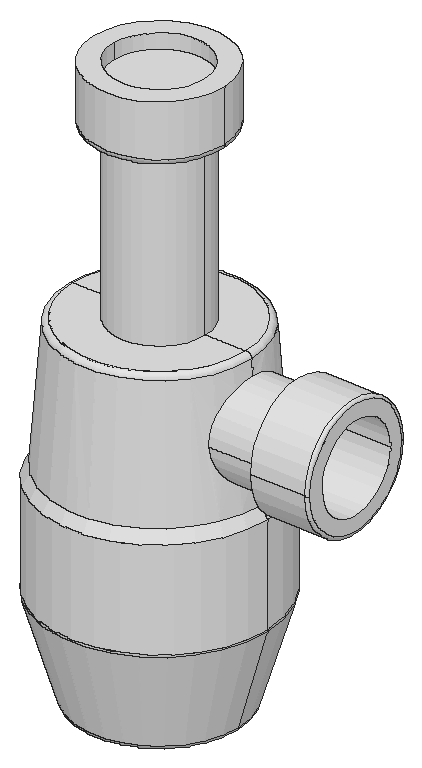
Revit family "S-865", category Uniones de tubería, Revit 2015
Parameters (values of type "S-865_1 1/4"")
  URL = "http://www.jimten.com/es/producto/42/sifon-botella-juntafix"
  Salida = "Ø32 MM (HEMBRA)"
  Referencia = "001659"
  Modelo = "S-865"  # constant formula
  Material = PP (Blanco)
  Fabricante = "Jimten"  # constant formula
  Entradas = "1 1/4\" ROSCA HEMBRA"
  Ds = 32 mm
  Descripción = "SIFON BOTELLA JUNTAFIX, SALIDA HORIZONTAL, RACOR EXTENSIBLE CON TOPE INFERIOR, JUNTAFIX"  # constant formula
  De = 31.8 mm
  Comentarios de tipo = "FACIL INSTALACION GRACIAS A SU SISTEMA DE JUNTAS INTEGRADAS, TAPON DE REGISTRO INFERIOR"  # constant formula
  Certificados = "http://www.jimten.com/_bd/_adjuntos/3b4e9e19f525a9333619fbb9026ce695.pdf?viewPdf"
  Caudal = 0.4 L/s  # constant formula
  Aplicación = "LAVABO, BIDET"
  Amin = 150 mm
  Amax = 220 mm
  ACalculo [instance] = if(A < Amax, if(A > Amin, A, Amin), Amax)  # 200 mm
  A [instance] = 200 mm
Types (2, lengths in mm): name | Salida | Referencia | Entradas | Ds | De | Aplicación | ACalculo | A
  S-865_1 1/2" | "Ø40 MM (HEMBRA)" | "001658" | "1 1/2\" ROSCA HEMBRA" | 40 | 38.1 | "FREGADERO, LAVABO, BIDET" | 180 | 180
  S-865_1 1/4" | "Ø32 MM (HEMBRA)" | "001659" | "1 1/4\" ROSCA HEMBRA" | 32 | 31.8 | "LAVABO, BIDET" | 200 | 200
Reference planes
  plane 1 "Centro (Frontal/Posterior)": y = 0
  plane 2: z = 0
  plane 3 "Centro (Izquierda/Derecha)": x = 0
  plane 4: z = 120
  plane 5: z = 200
  plane 6: z = 195
  plane 7: z = 97
Forms (mm)
  Revolve 1, solid, material "PP (Blanco)" <- "Material"
    sketch origin (0, 0, 0) x (1, 0, 0) y (0, 0, 1)
      loop
        arc (-30.231, 120) -> (-31.566, 119.478) -> (-32.193, 118.189) r 1.968
        line (-32.193, 118.189) -> (-35.726, 74.009) -> (-38, 70.071) -> (-38, 35.74)
        arc (-38, 35.74) -> (-37.968, 35.301) -> (-37.872, 34.872) r 3
        line (-37.872, 34.872) -> (-27.753, 1.405)
        arc (-27.753, 1.405) -> (-27.039, 0.39) -> (-25.86, 0) r 1.978
        line (-25.86, 0) -> (0, 0) -> (0, 120) -> (-30.231, 120)
      axis (0, 0) -> (0, 120)
    angle from 0 to 360
  Extrusion 2, solid, material "PP (Blanco)" <- "Material"
    sketch origin (-100.949, -1524, 120) x (-1, 0, 0) y (0, -1, 0)
      loop
        circle (-100.949, -1524) r 16
    from 0 to 75
  Sweep 3, solid, material "PP (Blanco)" <- "Material"
    path in 3D
      loop
        arc (-16, 0, 195) -> (0, 16, 195) -> (16, 0, 195) r 16
        arc (16, 0, 195) -> (0, -16, 195) -> (-16, 0, 195) r 16
    profile origin (0, -16, 195) x (0, -1, 0) y (0, 0, 1)
      loop
        line (0, -15) -> (4.758, -15)
        arc (4.758, -15) -> (6.185, -14.409) -> (6.776, -12.982) r 2.018
        line (6.776, -12.982) -> (6.776, 5) -> (0, 5) -> (0, -15)
  Extrusion 4, solid, material "PP (Blanco)" <- "Material"
    sketch origin (0, 0, 0) x (0, 1, 0) y (0, 0, 1)
      loop
        circle (0, 97) r 16
    from 22.115 to 48.624
  Sweep 5, solid, material "PP (Blanco)" <- "Material"
    path in 3D
      loop
        arc (48.624, 16, 97) -> (48.624, 0, 81) -> (48.624, -16, 97) r 16
        arc (48.624, -16, 97) -> (48.624, 0, 113) -> (48.624, 16, 97) r 16
    profile origin (48.624, 0, 113) x (0, 0, 1) y (1, 0, 0)
      loop
        line (-1, 0) -> (5, 0) -> (5, 18.969)
        arc (5, 18.969) -> (4.698, 19.698) -> (3.969, 20) r 1.031
        line (3.969, 20) -> (-1, 20) -> (-1, 0)
Cuts and joins
  joined: Revolve 1, Extrusion 4
Lines and regions (mm)
  sketch lines
    curve 1: arc (16, 0, 195) -> (0, -16, 195) -> (-16, 0, 195) r 16
    curve 2: arc (-16, 0, 195) -> (0, 16, 195) -> (16, 0, 195) r 16
    curve 3: arc (48.624, -16, 97) -> (48.624, 0, 113) -> (48.624, 16, 97) r 16
    curve 4: arc (48.624, 16, 97) -> (48.624, 0, 81) -> (48.624, -16, 97) r 16
Dimensions and locks
  "ACalculo": plane 5 to level
  locked: plane 5 to plane 6 at 5
  locked: Revolve 1 sketch curve to Revolve 1 sketch curve at 120
  plane 4 to level = 120 mm
  plane 7 to level = 97 mm  (x2)
  locked: Sweep 3 sketch curve to Sweep 3 sketch curve at 20
  locked: Sweep 3 sketch curve to Sweep 3 sketch curve at 6.776
  "Ds": diameter of Extrusion 2 sketch curve
  "Ds": diameter of Extrusion 4 sketch curve
  aligned and locked: level to plane 2
  aligned and locked: plane 6 to Extrusion 2
  aligned and locked: plane 5 to Sweep 3 sketch curve
  aligned and locked: Sweep 3 sketch curve to profile plane
  aligned and locked: plane 7 to Extrusion 4 sketch curve
Automatic sketch dimensions
  Revolve 1 sketch curve to plane 4 = 0 mm
  Revolve 1 sketch curve to plane 3 "Centro (Izquierda/Derecha)" = 0 mm  (x2)
  Revolve 1 sketch curve to level = 0 mm
  Revolve 1 sketch curve to Revolve 1 sketch curve = 25.86 mm
  level to Revolve 1 sketch curve = 1.405 mm
  Revolve 1 sketch curve to Revolve 1 sketch curve = 1.893 mm
  Revolve 1 sketch curve to Revolve 1 sketch curve = 30.231 mm
  Revolve 1 sketch curve to plane 4 = 1.811 mm
  Revolve 1 sketch curve to Revolve 1 sketch curve = 1.961 mm
  Revolve 1 sketch curve to Revolve 1 sketch curve = 9.14 mm
  Revolve 1 sketch curve to plane 3 "Centro (Izquierda/Derecha)" = 35.726 mm
  Revolve 1 sketch curve to Revolve 1 sketch curve = 2.872 mm
  Revolve 1 sketch curve to Revolve 1 sketch curve = 2.274 mm
  level to Revolve 1 sketch curve = 34.872 mm
  Revolve 1 sketch curve to Revolve 1 sketch curve = 34.331 mm
  Revolve 1 sketch curve to Revolve 1 sketch curve = 3.938 mm
  plane 5 to Revolve 1 sketch curve = 305 mm
  Sweep 3 sketch curve to Sweep 3 sketch curve = 2.018 mm
  Sweep 5 sketch curve to profile plane = 0 mm
  profile plane to Sweep 5 sketch curve = 1 mm
  Sweep 5 sketch curve to profile plane = 3.969 mm
  Sweep 5 sketch curve to profile plane = 5 mm
  profile plane to Sweep 5 sketch curve = 18.969 mm
  plane 1 "Centro (Frontal/Posterior)" to Extrusion 2 sketch curve = 0 mm
  Extrusion 2 sketch curve to plane 3 "Centro (Izquierda/Derecha)" = 0 mm
  Extrusion 4 sketch curve to plane 1 "Centro (Frontal/Posterior)" = 0 mm
Connectors
  piping at (68.624, 0, 97), diameter 32, driven by "Ds", driven by "Caudal"
    settings: on Sweep 5, index 1, connector inside diameter 609.6 mm, connector length 0 mm, flow factor 0, pipe flow 0.4 L/s, pressure drop 0.0 Pa, fitting loss kfactor 0, connector angle 0.00°, fixture units 0, engagement length 0 mm, angle of deflection 0.00°, flow configuration 0, flow direction 2, fitting loss method 0, system type 29, joint type 0, gender type 0, connector reference index -1, connector utility 0, adjustable connector no, is connector primary yes, connector description ""
  piping at (0, 0, 200), diameter 31.8, driven by "Caudal", driven by "De"
    settings: on Sweep 3, index 2, connector inside diameter 609.6 mm, connector length 0 mm, flow factor 0, pipe flow 0.4 L/s, pressure drop 0.0 Pa, fitting loss kfactor 0, connector angle 0.00°, fixture units 0, engagement length 0 mm, angle of deflection 0.00°, flow configuration 0, flow direction 1, fitting loss method 0, system type 29, joint type 0, gender type 0, connector reference index -1, connector utility 0, adjustable connector no, is connector primary no, connector description ""
